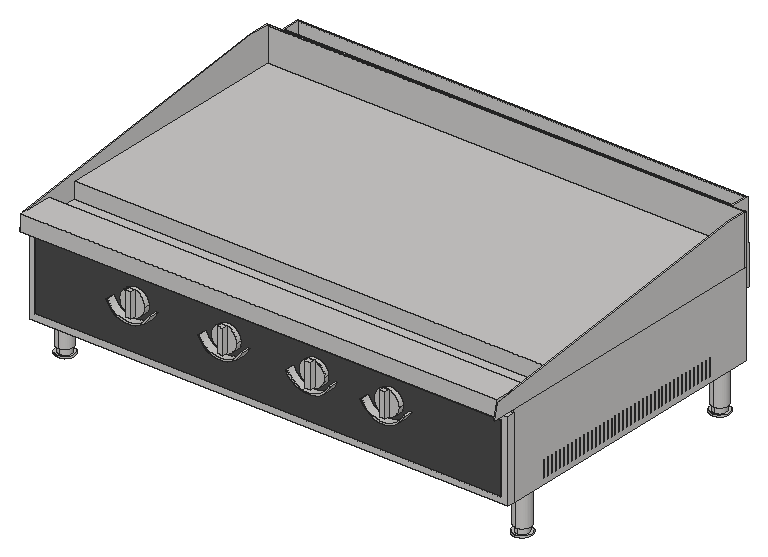
Revit family "QF_Vollrath_948GGT", category Specialty Equipment, Revit 2016 (continued)
Automatic sketch dimensions
  Extrusion 30 sketch curve to Extrusion 30 sketch curve = 0.55267"
  profile plane to Sweep 66 sketch curve = 0.00"
  Sweep 66 sketch curve to profile plane = 0.00"
  Sweep 66 sketch curve to profile plane = 0.14592"
  Sweep 66 sketch curve to Sweep 66 sketch curve = 0.83484"
  Sweep 67 sketch curve to Sweep 67 sketch curve = 2.25"  (x2)
  profile plane to Sweep 67 sketch curve = 0.00"
  Sweep 67 sketch curve to profile plane = 0.00"
  Sweep 67 sketch curve to Sweep 67 sketch curve = 0.14592"
  Sweep 67 sketch curve to Sweep 67 sketch curve = 0.83484"
  Extrusion 68 sketch curve to plane 29 = 0.00"
  Extrusion 68 sketch curve to plane 13 = 0.00"
  Extrusion 68 sketch curve to plane 9 "BACK" = 0.00"
  Extrusion 68 sketch curve to plane 13 = 1.73189"
  Extrusion 68 sketch curve to Extrusion 68 sketch curve = 0.14311"
  plane 29 to Extrusion 68 sketch curve = 0.15725"
  plane 14 to Extrusion 68 sketch curve = 1.49734"
  Extrusion 68 sketch curve to Extrusion 68 sketch curve = 0.12234"
  Extrusion 69 sketch curve to plane 29 = 0.00"
  Extrusion 69 sketch curve to plane 9 "BACK" = 0.00"
  Extrusion 69 sketch curve to plane 13 = 1.875"
  plane 14 to Extrusion 69 sketch curve = 1.375"
  Extrusion 70 sketch curve to plane 25 = 0.00"
  Extrusion 70 sketch curve to plane 13 = 2.00"
  plane 24 to Extrusion 77 sketch curve = 1.44225"
  Extrusion 77 sketch curve to plane 25 = 4.18647"
  Extrusion 78 sketch curve to Extrusion 78 sketch curve = 1.25"
  Extrusion 79 sketch curve to Extrusion 79 sketch curve = 0.55267"
  profile plane to Sweep 80 sketch curve = 0.00"
  Sweep 80 sketch curve to profile plane = 0.00"
  Sweep 80 sketch curve to Sweep 80 sketch curve = 0.14592"
  Sweep 80 sketch curve to Sweep 80 sketch curve = 0.83484"
  Extrusion 90 sketch curve to Extrusion 90 sketch curve = 1.25"
  Extrusion 91 sketch curve to Extrusion 91 sketch curve = 0.55267"
  Sweep 92 sketch curve to Sweep 92 sketch curve = 2.25"  (x2)
  profile plane to Sweep 92 sketch curve = 0.00"
  Sweep 92 sketch curve to profile plane = 0.00"
  Sweep 92 sketch curve to Sweep 92 sketch curve = 0.14592"
  Sweep 92 sketch curve to Sweep 92 sketch curve = 0.83484"
  Extrusion 28 sketch curve to Extrusion 28 sketch curve = 2.42552"
  Extrusion 30 sketch curve to Extrusion 30 sketch curve = 2.42552"
  Sweep 66 sketch curve to Sweep 66 sketch curve = 2.25"  (x2)
  Sweep 66 sketch curve to Sweep 66 sketch curve = 1.04671"
  Sweep 67 sketch curve to Sweep 67 sketch curve = 1.04671"
  Extrusion 79 sketch curve to Extrusion 79 sketch curve = 2.42552"
  Sweep 80 sketch curve to Sweep 80 sketch curve = 2.25"  (x2)
  Sweep 80 sketch curve to Sweep 80 sketch curve = 1.04671"
  Extrusion 91 sketch curve to Extrusion 91 sketch curve = 2.42552"
  Sweep 92 sketch curve to Sweep 92 sketch curve = 1.04671"
  Extrusion 93 sketch curve to Extrusion 93 sketch curve = 1.25"
  Extrusion 94 sketch curve to Extrusion 94 sketch curve = 0.55267"
  Extrusion 95 sketch curve to Extrusion 95 sketch curve = 1.25"
  Extrusion 96 sketch curve to Extrusion 96 sketch curve = 0.55267"
  profile plane to Sweep 97 sketch curve = 0.00"
  Sweep 97 sketch curve to profile plane = 0.00"
  Sweep 97 sketch curve to profile plane = 0.14592"
  Sweep 97 sketch curve to Sweep 97 sketch curve = 0.83484"
  Sweep 98 sketch curve to Sweep 98 sketch curve = 2.25"  (x2)
  profile plane to Sweep 98 sketch curve = 0.00"
  Sweep 98 sketch curve to profile plane = 0.00"
  Sweep 98 sketch curve to Sweep 98 sketch curve = 0.14592"
  Sweep 98 sketch curve to Sweep 98 sketch curve = 0.83484"
  Extrusion 99 sketch curve to Extrusion 99 sketch curve = 1.25"
  Extrusion 100 sketch curve to Extrusion 100 sketch curve = 0.55267"
  profile plane to Sweep 101 sketch curve = 0.00"
  Sweep 101 sketch curve to profile plane = 0.00"
  Sweep 101 sketch curve to Sweep 101 sketch curve = 0.14592"
  Sweep 101 sketch curve to Sweep 101 sketch curve = 0.83484"
  Extrusion 102 sketch curve to Extrusion 102 sketch curve = 1.25"
  Extrusion 103 sketch curve to Extrusion 103 sketch curve = 0.55267"
  Sweep 104 sketch curve to Sweep 104 sketch curve = 2.25"  (x2)
  profile plane to Sweep 104 sketch curve = 0.00"
  Sweep 104 sketch curve to profile plane = 0.00"
  Sweep 104 sketch curve to Sweep 104 sketch curve = 0.14592"
  Sweep 104 sketch curve to Sweep 104 sketch curve = 0.83484"
  Extrusion 94 sketch curve to Extrusion 94 sketch curve = 2.42552"
  Extrusion 96 sketch curve to Extrusion 96 sketch curve = 2.42552"
  Sweep 97 sketch curve to Sweep 97 sketch curve = 2.25"  (x2)
  Sweep 97 sketch curve to Sweep 97 sketch curve = 1.04671"
  Sweep 98 sketch curve to Sweep 98 sketch curve = 1.04671"
  Extrusion 100 sketch curve to Extrusion 100 sketch curve = 2.42552"
  Sweep 101 sketch curve to Sweep 101 sketch curve = 2.25"  (x2)
  Sweep 101 sketch curve to Sweep 101 sketch curve = 1.04671"
  Extrusion 103 sketch curve to Extrusion 103 sketch curve = 2.42552"
  Sweep 104 sketch curve to Sweep 104 sketch curve = 1.04671"
  Extrusion 27 sketch curve to Extrusion 27 sketch curve = 0.00"  (x2)
  Extrusion 29 sketch curve to Extrusion 29 sketch curve = 0.00"  (x2)
  Extrusion 78 sketch curve to Extrusion 78 sketch curve = 0.00"  (x2)
  Extrusion 90 sketch curve to Extrusion 90 sketch curve = 0.00"  (x2)
  Extrusion 93 sketch curve to Extrusion 93 sketch curve = 0.00"  (x2)
  Extrusion 95 sketch curve to Extrusion 95 sketch curve = 0.00"  (x2)
  Extrusion 99 sketch curve to Extrusion 99 sketch curve = 0.00"  (x2)
  Extrusion 102 sketch curve to Extrusion 102 sketch curve = 0.00"  (x2)
  Extrusion 21 sketch curve to Extrusion 21 sketch curve = 0.50247"
  Extrusion 21 sketch curve to Extrusion 21 sketch curve = 46.75"
  Extrusion 21 sketch curve to Extrusion 21 sketch curve = 0.74753"
  Extrusion 21 sketch curve to Extrusion 21 sketch curve = 0.59949"
  Extrusion 21 sketch curve to Extrusion 21 sketch curve = 6.92869"
  Extrusion 21 sketch curve to Extrusion 21 sketch curve = 0.53182"
  Extrusion 24 sketch curve to Extrusion 24 sketch curve = 8.92327"
  Extrusion 24 sketch curve to Extrusion 24 sketch curve = 6.75"
  Extrusion 24 sketch curve to Extrusion 24 sketch curve = 6.25666"
  Extrusion 24 sketch curve to Extrusion 24 sketch curve = 9.82673"
  Extrusion 24 sketch curve to Extrusion 24 sketch curve = 4.76279"  (x2)
  Extrusion 24 sketch curve to Extrusion 24 sketch curve = 0.00"  (x10)
  Extrusion 24 sketch curve to Extrusion 24 sketch curve = 6.92869"
  plane 25 to curve 21 = 0.00"
  plane 25 to curve 20 = 0.00"
  plane 24 to curve 20 = 0.00"
  plane 24 to curve 21 = 0.00"
  plane 14 to curve 18 = 2.875"
  curve 18 to curve 19 = 3.90"
  radius of Extrusion 31 sketch curve = 0.25"
  radius of Extrusion 32 sketch curve = 0.25"
  radius of Extrusion 33 sketch curve = 0.25"
  radius of Extrusion 34 sketch curve = 0.25"
  radius of Extrusion 35 sketch curve = 0.25"
  radius of Extrusion 36 sketch curve = 0.25"
  radius of Extrusion 37 sketch curve = 0.25"
  radius of Extrusion 38 sketch curve = 0.25"
  radius of Extrusion 39 sketch curve = 0.25"
  radius of Extrusion 40 sketch curve = 0.25"
  radius of Extrusion 41 sketch curve = 0.25"
  radius of Extrusion 42 sketch curve = 0.25"
  radius of Extrusion 43 sketch curve = 0.25"
  radius of Extrusion 44 sketch curve = 0.25"
  radius of Extrusion 45 sketch curve = 0.25"
  radius of Extrusion 46 sketch curve = 0.25"
  radius of Extrusion 47 sketch curve = 0.25"
  radius of Extrusion 48 sketch curve = 0.25"
  radius of Extrusion 49 sketch curve = 0.25"
  radius of Extrusion 50 sketch curve = 0.25"
  radius of Extrusion 51 sketch curve = 0.25"
  radius of Extrusion 52 sketch curve = 0.25"
  radius of Extrusion 53 sketch curve = 0.25"
  radius of Extrusion 54 sketch curve = 0.25"
  radius of Extrusion 55 sketch curve = 0.25"
  radius of Extrusion 56 sketch curve = 0.25"
  radius of Extrusion 57 sketch curve = 0.25"
  radius of Extrusion 58 sketch curve = 0.25"
  radius of Extrusion 59 sketch curve = 0.25"
  radius of Extrusion 60 sketch curve = 0.25"
  radius of Extrusion 61 sketch curve = 0.25"
  radius of Extrusion 62 sketch curve = 0.25"
  radius of Extrusion 63 sketch curve = 0.25"
  radius of Extrusion 64 sketch curve = 0.25"
  radius of Extrusion 65 sketch curve = 0.25"
  radius of Extrusion 1 sketch curve = 0.9375"
  radius of Extrusion 2 sketch curve = 0.625"
  radius of Extrusion 3 sketch curve = 0.8125"
  radius of Extrusion 4 sketch curve = 0.9375"
  radius of Extrusion 5 sketch curve = 0.625"
  radius of Extrusion 6 sketch curve = 0.8125"
  radius of Extrusion 7 sketch curve = 0.9375"
  radius of Extrusion 8 sketch curve = 0.625"
  radius of Extrusion 9 sketch curve = 0.8125"
  radius of Extrusion 10 sketch curve = 0.9375"
  radius of Extrusion 11 sketch curve = 0.625"
  radius of Extrusion 12 sketch curve = 0.8125"
  radius of Extrusion 18 sketch curve = 0.375"
Connectors (in)
  piping at (5.77924, -0.5, 41.5), diameter 0.75
    settings: on Extrusion 18, index 1, connector inside diameter 3/4", connector length 0.00", flow factor 0, pipe flow 0 GPM, pressure drop 0.00 psi, fitting loss kfactor 0, connector angle 0.00°, fixture units 0, engagement length 0.00", angle of deflection 0.00°, flow configuration 1, flow direction 1, fitting loss method 0, system type 22, joint type 0, gender type 0, connector reference index -1, connector utility 0, adjustable connector no, is connector primary yes, connector description "Gas Connection"
